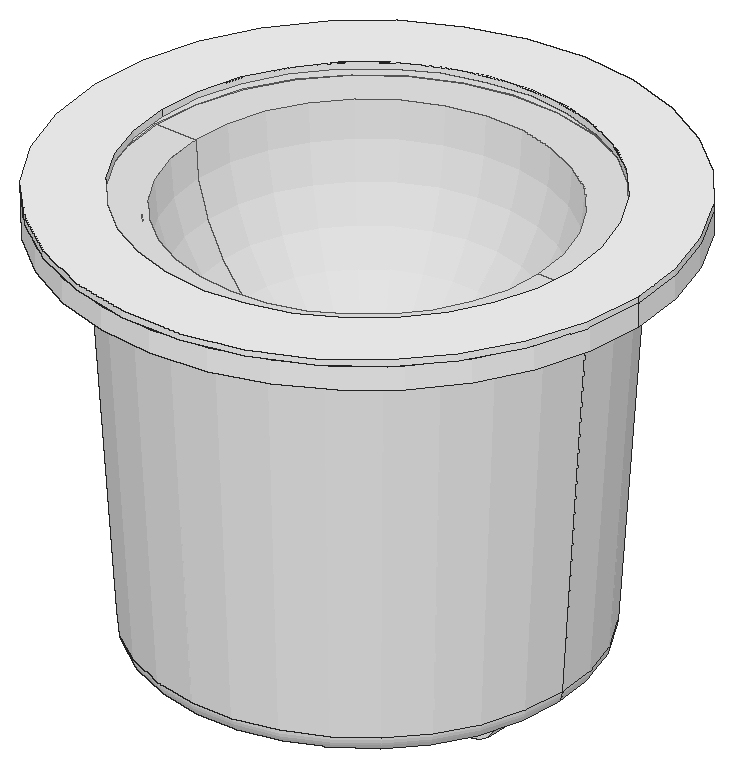
Revit family "2058933", category Lighting Fixtures, host Face, Revit 2018
Family settings
  Host = Face
  Round Connector Dimension = Use Diameter
  Part Type = Normal
  OmniClass Number = 23.80.70.11.17
  OmniClass Title = Specialized Lighting by Location or Use
  Cut with Voids When Loaded = No
  Light Source = Yes
  Shared = No
  Room Calculation Point = No
Parameters (values of type "2058933 MYRIAD DECO IP65 SP 3K DALI WH CBEZ")
  Weight = "n/a"
  Wattage = 15 W
  WarrantyStartDate [instance] = "n/a"
  WarrantyGuarantorParts = "n/a"
  WarrantyDurationUnit = "n/a"
  WarrantyDurationParts = ""
  WarrantyDescription = "http://www.sylvania-lighting.com"
  built-in parameter 1150110 = 1 (stored number, unit not read)
  Voltage = 230 V
  URL = "0"
  TypeName = "MYRIAD DECO IP65 SPOT 3000K DALI WHITE CBEZ"
  Type Image = 0
  Type Comments = ""
  built-in parameter 1114217 = 1 (stored number, unit not read)
  Tilt Angle = -90°
  built-in parameter 1150109 = 1 (stored number, unit not read)
  built-in parameter 1150134 = (empty or 0)
  built-in parameter 1150113 = 1 (stored number, unit not read)
  SerialNumber [instance] = "n/a"
  Reflector Radius = Cutout Diameter / 2 - 2.5 mm  # 35.0 mm
  Reflector Material = Aluminum_Sylvania_Myriad_Bright
  Recessed Depth = Height  # 72.0 mm
  PowerFactor = 0
  PowerConsumption = "Lighting"
  Photometric Web File = "2058933.ies"
  NominalWidth = 0.0 mm
  NominalLength = 76.0 mm
  NominalHeight = 72.0 mm
  Name = "MYRIAD DECO IP65 SPOT 3000K DALI WHITE CBEZ"
  ModelReference = "MYRIAD DECO IP65 SPOT 3000K DALI WHITE CBEZ"
  ModelNumber = "2058933"
  Material = "Feilo Sylvania"
  ManufacturerName = "111 lm/W"
  LuminousEfficacy = ""
  LuminaireType = "0"
  LightOutputRatio = "LED"
  LampsType = Lamp  # "n/a"
  LampNominalLuminous = "3000 K"
  LampMacAdamStep = "90"
  LampColourTemperature = "LED"
  LampColourRenderingIndex = "16500"
  Keynote = "n/a"
  Keynote_2 = "16500"
  InstallationDate [instance] = "n/a"
  InputVoltage = "0"
  InputNominalFrequency = "3000"
  IngressProtection = "IfcLightFixtureType"
  ImpactProtectionIndex = "IfcLightFixtureType"
  IfcExportType = "IfcLightFixtureType"
  IfcExportAs = "Class II"
  Height = 72.0 mm  # constant formula
  ExpectedLife = 50000
  Emit from Circle Diameter = Accessory Inner Diameter 2  # 68.0 mm
  Emit Shape Visible in Rendering = no
  ElectricShockClassification = "111"
  DurationUnit = "hours"
  DocumentationLiterature = "http://www.sylvania-lighting.com/product/en-int/products/2058933"
  DimmingControlOptions = "n/a"
  Diffuser Material = Glass_Sylvania_Myriad_Clear_4000K
  Diffuser Diameter = Cutout Diameter  # 75.0 mm
  Cutout Diameter = 75.0 mm  # constant formula
  CreatedOn = "03/02/2022"
  CreatedBy = "@sylvania-lighting.com"
  Cost = 0
  built-in parameter 1114216 [instance] = 1 (stored number, unit not read)
  Model = "MYRIAD DECO IP65 SPOT 3000K DALI WHITE CBEZ"
  Manufacturer = "Feilo Sylvania"  # constant formula
  built-in parameter 1150105 = 83.556 (stored number, unit not read)
  Lumens = 1050 lm
  built-in parameter 1150115 = 1 (stored number, unit not read)
  built-in parameter 1150137 = (empty or 0)
  built-in parameter 1150139 = (empty or 0)
  built-in parameter 1150112 = 1 (stored number, unit not read)
  built-in parameter 1150114 = 1 (stored number, unit not read)
  Lamp = "n/a"
  built-in parameter 1150132 = (empty or 0)
  built-in parameter 1150102 = (empty or 0)
  built-in parameter 1150107 = 2700 (stored number, unit not read)
  built-in parameter 1150138 = (empty or 0)
  built-in parameter 1150106 = 0.83556 (stored number, unit not read)
  built-in parameter 1150104 = 6.5032 (stored number, unit not read)
  Dimming Lamp Color Temperature Shift = <None>
  Description = "Supplied complete with electronic control gear Compact Fluorescent low energy downlight Emergency version passes through the cut out Ideal for low level orientation lighting New range of Architectural accessories each providing a different lit dimension New completely flush plaster up accessory ring for clean ceiling lines and smooth finish Order lamp separately"  # constant formula
  Default Elevation = 0.0 mm
  Color Filter = 16777215
  built-in parameter 1140040 [instance] = 1
  Body Radius = Reflector Radius + 1.5 mm  # 36.5 mm
  Body Material = Aluminum_Sylvania_Myriad_Gray
  BarCode [instance] = "n/a"
  built-in parameter 1114218 = 1 (stored number, unit not read)
  built-in parameter 1150133 = 10 (stored number, unit not read)
  AssetType = "Fixed"
  AssetIdentifier [instance] = "n/a"
  Assembly Code = "D5020200"
  Apparent Load = 10 VA
  Accessory Material = Aluminum_Sylvania_Myriad_White
  Accessory Inner Diameter 2 = Accessory Diameter - 22.0 mm  # 68.0 mm
  Accessory Inner Diameter 1 = Accessory Diameter - 2.0 mm  # 88.0 mm
  Accessory Diameter = Cutout Diameter + 15.0 mm  # 90.0 mm
Reference planes
  plane 1 "Center (Front/Back)": y = 0
  plane 2: z = 0
  plane 3 "Center (Left/Right)": x = 0
  plane 4: z = 2
  plane 5 "Fixture Bottom": z = 4.5
  plane 6: z = -28.5
  plane 7: z = -61.5
  plane 8 "Fixture Top": z = -67.5
  plane 9: z = 3.5
Forms (mm)
  Revolve 1, solid, material "Aluminum_Sylvania_Myriad_Bright" <- "Reflector Material", detail levels fine
    sketch origin (0, 0, 0) x (1, 0, 0) y (0, 0, 1)
      loop
        line (0, -27.515) -> (-6, -27.515)
        arc (-6, -27.515) -> (-22.333, -16.632) -> (-28.5, 2) r 30.135
        line (-28.5, 2) -> (-35, 2) -> (-35, 0) -> (-29.184, 0)
        arc (-29.184, 0) -> (-22.423, -18.18) -> (-6, -28.5) r 30.204
        line (-6, -28.5) -> (0, -28.5) -> (0, -27.515)
      axis (0, -28.5) -> (0, 2)
    angle from 0 to 360
  Revolve 2, solid, material "Aluminum_Sylvania_Myriad_Gray" <- "Body Material", detail levels fine
    sketch origin (0, 0, 0) x (1, 0, 0) y (0, 0, 1)
      loop
        line (-44, 2) -> (-44, 0) -> (-36.5, 0) -> (-32.42, -58.708)
        arc (-32.42, -58.708) -> (-31.474, -60.694) -> (-29.428, -61.5) r 3
        line (-29.428, -61.5) -> (0, -61.5) -> (0, -28.5) -> (-6, -28.5)
        arc (-6, -28.5) -> (-22.423, -18.18) -> (-29.184, 0) r 30.204
        line (-29.184, 0) -> (-35, 0) -> (-35, 2) -> (-44, 2)
      axis (0, 2) -> (0, -61.5)
    angle from 0 to 360
  Extrusion 3, solid, material "Aluminum_Sylvania_Myriad_Gray" <- "Body Material", detail levels fine
    sketch origin (0, 0, 0) x (1, 0, 0) y (0, 0, 1)
      loop
        line (-13.5, -67.5) -> (21, -67.5)
        arc (21, -67.5) -> (23.828, -66.328) -> (25, -63.5) r 4
        line (25, -63.5) -> (25, -61.5) -> (-17.5, -61.5) -> (-17.5, -63.5)
        arc (-17.5, -63.5) -> (-16.328, -66.328) -> (-13.5, -67.5) r 4
    from -4.5 to 4.5
  Extrusion 4, solid, material "Aluminum_Sylvania_Myriad_White" <- "Accessory Material", detail levels fine
    sketch origin (0, 0, 0) x (1, 0, 0) y (0, 1, 0)
      loop
        circle (0, 0) r 45
      loop
        circle (0, 0) r 44
    from 0 to 3.5
  Extrusion 5, solid, material "Aluminum_Sylvania_Myriad_White" <- "Accessory Material", detail levels fine
    sketch origin (0, 0, 0) x (1, 0, 0) y (0, 1, 0)
      loop
        circle (0, 0) r 45
      loop
        circle (0, 0) r 34
    from 3.5 to 4.5
  Extrusion 6, solid, material "Aluminum_Sylvania_Myriad_White" <- "Accessory Material", detail levels coarse+medium
    sketch origin (0, 0, 0) x (1, 0, 0) y (0, 1, 0)
      loop
        circle (0, 0) r 45
    from 0 to 4.5
  Revolve 7, solid, detail levels coarse+medium
    sketch origin (0, 0, 0) x (1, 0, 0) y (0, 0, 1)
      loop
        line (36.5, 0) -> (0, 0) -> (0, -61.5) -> (32.226, -61.5) -> (36.5, 0)
      axis (0, 0) -> (0, -61.5)
    angle from 0 to 360
  Extrusion 8, void
    sketch origin (0, 0, 0) x (1, 0, 0) y (0, 1, 0)
      loop
        circle (0, 0) r 37.5
    from -67.5 to 0
  Extrusion 9, solid, material "Glass_Sylvania_Myriad_Clear_4000K" <- "Diffuser Material", detail levels fine
    sketch origin (0, 0, 0) x (1, 0, 0) y (0, 1, 0)
      loop
        circle (0, 0) r 37.5
    from 2 to 3.5
Cuts and joins
  joined: Extrusion 4, Extrusion 5
Lines and regions (mm)
  Masking region 1
    outline origin (0, 0, 0) x (1, 0, 0) y (0, 1, 0)
      loop
        circle (0, 0) r 45
  symbolic lines
    curve 1: arc (-34, 0, 0) -> (0, 34, 0) -> (34, 0, 0) r 34
    curve 2: arc (34, 0, 0) -> (0, -34, 0) -> (-34, 0, 0) r 34
Dimensions and locks
  locked: plane 7 to plane 8 "Fixture Top" at 6
  "Body Radius": Revolve 7 sketch curve to plane 3 "Center (Left/Right)"
  locked: Revolve 7 sketch curve to Revolve 7 sketch curve at 4.274
  plane 5 "Fixture Bottom" to plane 9 to plane 4 to plane 2 to plane 6 = 1.0 mm locked, 1.5 mm locked, 2.0 mm locked, 28.5 mm locked
  "Reflector Radius": Revolve 1 sketch curve to plane 3 "Center (Left/Right)"
  Revolve 1 sketch curve to Revolve 1 sketch curve to Revolve 1 sketch curve to Revolve 1 sketch curve = 6.5 mm locked, 22.5 mm locked, 0.0 mm locked
  "Reflector Radius": plane 3 "Center (Left/Right)" to Revolve 2 sketch curve
  Revolve 2 sketch curve to Revolve 2 sketch curve to Revolve 2 sketch curve = 7.5 mm locked, 1.5 mm locked
  Revolve 2 sketch curve to Revolve 2 sketch curve to Revolve 2 sketch curve = 5.816 mm locked, 23.184 mm locked
  Revolve 2 sketch curve to Revolve 2 sketch curve to Revolve 2 sketch curve = 2.58 mm locked, 2.993 mm locked
  "Accessory Diameter": diameter of Extrusion 4 sketch curve
  "Accessory Inner Diameter 1": diameter of Extrusion 4 sketch curve
  "Accessory Diameter": diameter of Extrusion 5 sketch curve
  "Accessory Diameter": diameter of Extrusion 6 sketch curve
  "Cutout Diameter": diameter of Extrusion 8 sketch curve
  "Accessory Inner Diameter 2": diameter of Extrusion 5 sketch curve
  "Diffuser Diameter": diameter of Extrusion 9 sketch curve
  aligned and locked: plane 2 to host face
  aligned and locked: level to host face
  aligned and locked: plane 1 "Center (Front/Back)" to imposter light
  aligned and locked: plane 3 "Center (Left/Right)" to imposter light
  aligned and locked: Revolve 1 sketch curve to imposter light
  aligned and locked: Extrusion 3 sketch curve to plane 8 "Fixture Top"
  aligned and locked: plane 7 to Extrusion 3 sketch curve
  aligned and locked: Extrusion 4 to plane 2
  aligned and locked: plane 9 to Extrusion 4
  aligned and locked: Extrusion 5 to plane 9
  aligned and locked: plane 5 "Fixture Bottom" to Extrusion 5
  aligned and locked: Extrusion 6 to plane 2
  aligned and locked: plane 5 "Fixture Bottom" to Extrusion 6
  aligned and locked: Extrusion 8 to plane 8 "Fixture Top"
  aligned and locked: plane 2 to Extrusion 8
  aligned and locked: Masking region 1 sketch curve to Extrusion 6  (x2)
  aligned and locked: Extrusion 9 to plane 4
  aligned and locked: plane 9 to Extrusion 9
  aligned and locked: plane 4 to Revolve 2 sketch curve
  aligned and locked: Revolve 2 sketch curve to plane 2
  aligned and locked: curve 1 to cut or joined group of Extrusion 4, Extrusion 5
  aligned and locked: curve 2 to cut or joined group of Extrusion 4, Extrusion 5
  aligned and locked: imposter light to plane 5 "Fixture Bottom"
Automatic sketch dimensions
  host sketch curve to host sketch curve = 1305.563 mm
  host sketch curve to host sketch curve = 1283.632 mm
  Extrusion 3 sketch curve to plane 7 = 2.0 mm
  Extrusion 3 sketch curve to plane 3 "Center (Left/Right)" = 13.5 mm
  plane 3 "Center (Left/Right)" to Extrusion 3 sketch curve = 21.0 mm
  Extrusion 3 sketch curve to Extrusion 3 sketch curve = 4.0 mm
  Revolve 1 sketch curve to level = 0.0 mm
  Revolve 1 sketch curve to plane 3 "Center (Left/Right)" = 0.0 mm
  Revolve 1 sketch curve to plane 6 = 0.0 mm
  Revolve 1 sketch curve to plane 4 = 0.0 mm
  Revolve 1 sketch curve to Revolve 1 sketch curve = 0.684 mm
  level to Revolve 1 sketch curve = 0.88 mm
  Revolve 1 sketch curve to plane 4 = 0.363 mm
  Revolve 1 sketch curve to Revolve 1 sketch curve = 0.625 mm
  Revolve 1 sketch curve to plane 8 "Fixture Top" = 232.8 mm
  plane 5 "Fixture Bottom" to Revolve 1 sketch curve = 291.243 mm
  Revolve 2 sketch curve to plane 3 "Center (Left/Right)" = 0.0 mm  (x2)
  Revolve 2 sketch curve to plane 7 = 0.0 mm
  Revolve 2 sketch curve to plane 6 = 0.0 mm
  Revolve 2 sketch curve to level = 0.0 mm
  level to Revolve 2 sketch curve = 0.88 mm
  plane 7 to Revolve 2 sketch curve = 2.792 mm
  Revolve 2 sketch curve to plane 8 "Fixture Top" = 304.774 mm
  plane 5 "Fixture Bottom" to Revolve 2 sketch curve = 1137.105 mm
  Extrusion 4 sketch curve to Extrusion 4 sketch curve = 0.0 mm  (x2)
  plane 1 "Center (Front/Back)" to Extrusion 4 sketch curve = 0.0 mm
  Extrusion 4 sketch curve to plane 3 "Center (Left/Right)" = 0.0 mm
  Extrusion 5 sketch curve to Extrusion 5 sketch curve = 0.0 mm  (x2)
  plane 1 "Center (Front/Back)" to Extrusion 5 sketch curve = 0.0 mm
  Extrusion 5 sketch curve to plane 3 "Center (Left/Right)" = 0.0 mm
  plane 1 "Center (Front/Back)" to Extrusion 6 sketch curve = 0.0 mm
  Extrusion 6 sketch curve to plane 3 "Center (Left/Right)" = 0.0 mm
  Revolve 7 sketch curve to level = 0.0 mm
  Revolve 7 sketch curve to plane 3 "Center (Left/Right)" = 0.0 mm  (x2)
  Revolve 7 sketch curve to plane 7 = 0.0 mm
  Revolve 7 sketch curve to plane 8 "Fixture Top" = 304.774 mm
  plane 5 "Fixture Bottom" to Revolve 7 sketch curve = 43.226 mm
  plane 1 "Center (Front/Back)" to Extrusion 8 sketch curve = 0.0 mm
  Extrusion 8 sketch curve to plane 3 "Center (Left/Right)" = 0.0 mm
  plane 1 "Center (Front/Back)" to Extrusion 9 sketch curve = 0.0 mm
  Extrusion 9 sketch curve to plane 3 "Center (Left/Right)" = 0.0 mm
Connectors
  electrical at (-0.006, -0.019, -67.5), driven by "Apparent Load", driven by "Apparent Load"
    settings: on plane 8 "Fixture Top", index 1, voltage 230 V, apparent load 10 VA, apparent load phase1 10 VA, apparent load phase2 0 VA, apparent load phase3 0 VA, power factor 1, load classification "Lighting", number of poles 1, system type 30, power factor state 1, is connector primary yes, connector utility no, sub classification motor no, connector description ""
